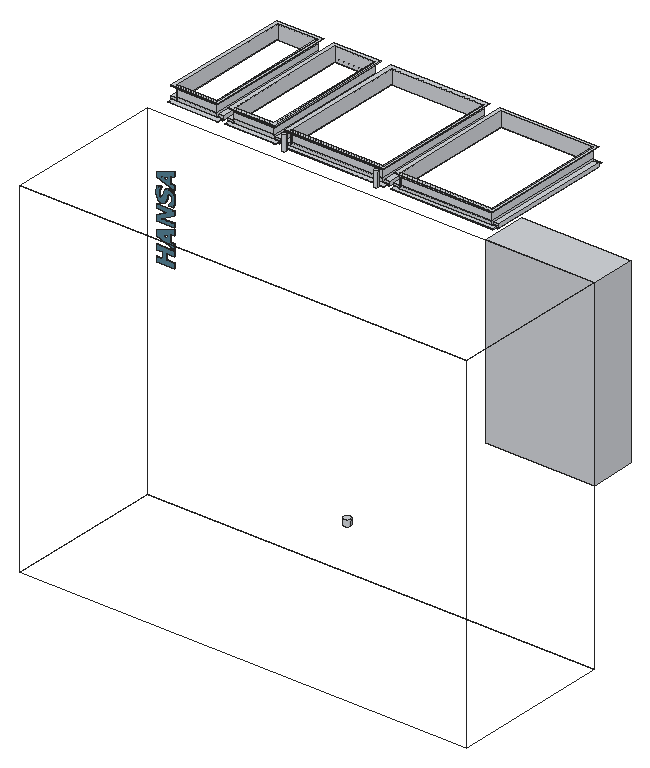
Revit family "KL-P-023-iK-L", category HLS-Bauteile, Revit 2020
Family settings
  Bemaßung runder Anschluss = Durchmesser verwenden
  Klassifizierung = Keine
  Teiletyp = Normal
  Arbeitsebenenbasiert = Nein
  Immer vertikal = Ja
  Beim Laden mit Abzugskörper schneiden = Nein
  Gemeinsam genutzt = Nein
  Raumberechnungspunkt = Nein
Parameters
  Zuluftbreite [instance] = 505 mm  # constant formula
  Vorgabe-Ansicht = 0 mm
  TyS [instance] = size_lookup("TyS_Hansa_KL_P", "", "ND", RLT_Serie, Gehaeuserichtung, Gehaeuseausfuehrung, RLT_MSR_KZ)  # "KL-P-023-iK-L-eCS"
  Schaltschrankbreite [instance] = 600 mm
  Schaltschrank_montiert [instance] = yes
  SSaG [instance] = and(or(Regelung SAIA, Regelung OJ), Schaltschrank_montiert)  # yes
  Regelung SAIA [instance] = yes
  Regelung OJ [instance] = no
  RLT_Volumenstrom_max = 2300 m³/h  # constant formula
  RLT_Volumenstrom_Unit_2 [instance] = 2300 m³/h
  RLT_Volumenstrom_Unit_1 [instance] = 2300 m³/h
  RLT_Typenschlüssel [instance] = TyS  # "KL-P-023-iK-L-eCS"
  RLT_Serie = "KL-P-023-iK"  # constant formula
  RLT_Material_außen [instance] = Stahlblech verzinkt + RAL 9002
  RLT_MSR_KZ [instance] = if(Regelung SAIA, "eCS", if(Regelung OJ, "eCO", "-"))  # "eCS"
  RLT_Länge [instance] = L  # 1860 mm
  RLT_Höhe = H  # 1790 mm
  RLT_Gewicht [instance] = size_lookup("TD_Hansa_KL_P", "Gewicht", 0 mm, TyS) / 1 mm * 1.00 kg  # 0.00 kg
  RLT_Breite = B  # 880 mm
  Modell = "KL-P-023-iK-L"  # constant formula
  L2 = 1230 mm  # constant formula
  L1 = 630 mm  # constant formula
  L = L1 + L2  # 1860 mm
  Kanaltiefe [instance] = RLT_Breite - 190 mm  # 690 mm
  Hersteller = "Hansa"  # constant formula
  H = 1790 mm  # constant formula
  GeräteOK [instance] = H + Fuß  # 1910 mm
  Gehaeuserichtung [instance] = "L"  # constant formula
  Gehaeuseausfuehrung [instance] = "ungeteilt"  # constant formula
  GD_Spannung [instance] = 230 V
  GD_Phasen [instance] = 1
  GD_Nennstrom [instance] = 0 A
  GD_Anschlussleistung [instance] = 0 W
  Fuß [instance] = 120 mm  # constant formula
  Fortluftbreite = 220 mm  # constant formula
  Bedienzone [instance] = yes
  Baugruppe [instance] = "RLT-Gerät"  # constant formula
  BZl [instance] = if(and(or(Regelung SAIA, Regelung OJ), Schaltschrank_montiert), L + Schaltschrankbreite, L)  # 2460 mm
  B = 880 mm  # constant formula
  Außenluftbreite = 220 mm  # constant formula
  Abluftbreite [instance] = 505 mm  # constant formula
Reference planes
  plane 1 "Mitte (Vorne/hinten)": y = 0
  plane 2: z = 0
  plane 3 "Mitte (Links/rechts)": x = 0
  plane 4: x = -930
  plane 5: x = 930
  plane 6 "GV": y = -440
  plane 7 "GH": y = 440
  plane 8 "OKG": z = 1910
  plane 9: y = 377.5
  plane 10: y = -312.5
  plane 11: x = -867.5
  plane 12: x = 867.5
  plane 13: x = -647.5
  plane 14: x = -552.5
  plane 15: x = -332.5
  plane 16: x = 362.5
  plane 17: x = 267.5
  plane 18: x = -237.5
  plane 19: z = 1990
  plane 20 "UKG": z = 120
  plane 21: y = -190
  plane 22: y = -230
  plane 23: z = 90
  plane 24: y = -364
  plane 25: x = -300
  plane 26: y = -1320
  plane 27: x = 1530
Forms (mm)
  Extrusion 1, solid, visible <- "SSaG"
    sketch origin (-61.559, 0, -70) x (1, 0, 0) y (0, 0, 1)
      loop
        line (991.559, 1980) -> (991.559, 980) -> (1591.559, 980) -> (1591.559, 1980) -> (991.559, 1980)
    from 440 to 190
  Extrusion 2, solid
    sketch origin (0, 0, 0) x (1, 0, 0) y (0, 1, 0)
      loop
        circle (0, -230) r 20
    from 120 to 90
  Extrusion 3, solid
    sketch origin (0, 0, 0) x (1, 0, 0) y (0, 1, 0)
      loop
        circle (-237.5, -364) r 10
      loop
        circle (267.5, -364) r 10
    from 1990 to 1910
  Extrusion 4, solid, material "Glas - klar", visible <- "Bedienzone"
    sketch origin (0, 0, 0) x (1, 0, 0) y (0, 1, 0)
      loop
        line (-930, -440) -> (-930, -1320) -> (1530, -1320) -> (1530, -440) -> (-930, -440)
    from 1910 to 0
Dimensions and locks
  equal spacing: plane 4, plane 3 "Mitte (Links/rechts)", plane 5
  "L": plane 4 to plane 5
  "B": plane 7 "GH" to plane 6 "GV"
  locked: plane 7 "GH" to plane 9 at 62.5
  locked: plane 4 to plane 11 at 62.5
  locked: plane 12 to plane 5 at 62.5
  "Fortluftbreite": plane 11 to plane 13
  locked: plane 13 to plane 14 at 95
  "Außenluftbreite": plane 14 to plane 15
  "Abluftbreite": plane 16 to plane 12
  locked: plane 17 to plane 16 at 95
  "Zuluftbreite": plane 18 to plane 17
  plane 15 to plane 18 = 95 mm
  locked: nested 3 to plane 16 at 95
  "Fuß": plane 20 "UKG" to level
  plane 19 to plane 8 "OKG" = 80 mm
  locked: plane 4 to nested 1 at 62.5
  locked: plane 13 to nested 2 at 95
  locked: nested 4 to plane 5 at 62.5
  Extrusion 1 to plane 5 = 600 mm
  "RLT_Höhe": plane 8 "OKG" to plane 20 "UKG"
  equal spacing: plane 7 "GH", plane 1 "Mitte (Vorne/hinten)", plane 6 "GV"
  locked: plane 6 "GV" to plane 21 at 250
  locked: plane 6 "GV" to plane 22 at 210
  plane 20 "UKG" to plane 23 = 30 mm
  locked: plane 24 to plane 6 "GV" at 76
  "L1": plane 4 to plane 25
  "B": plane 26 to plane 6 "GV"
  "BZl": Extrusion 4 to Extrusion 4
  "Schaltschrankbreite": plane 5 to plane 27
  aligned and locked: level to plane 2
  aligned and locked: Extrusion 1 to plane 5
  aligned and locked: Extrusion 1 to plane 8 "OKG"
  aligned and locked: plane 6 "GV" to Extrusion 1
  aligned and locked: plane 21 to Extrusion 1
  aligned and locked: plane 20 "UKG" to Extrusion 2
  aligned and locked: Extrusion 2 to plane 23
  aligned and locked: Extrusion 3 to plane 8 "OKG"
  aligned and locked: plane 19 to Extrusion 3
  aligned and locked: plane 4 to Extrusion 4
  aligned and locked: Extrusion 4 to plane 6 "GV"
  aligned and locked: Extrusion 4 to plane 26
  aligned and locked: plane 8 "OKG" to Extrusion 4
  aligned and locked: plane 27 to Extrusion 1
  aligned and locked: plane 7 "GH" to nested 6
  aligned and locked: plane 4 to nested 6
Automatic sketch dimensions
  Extrusion 1 sketch curve to plane 5 = 0 mm
  Extrusion 1 sketch curve to plane 8 "OKG" = 0 mm
  plane 5 to Extrusion 1 sketch curve = 600 mm
  plane 20 "UKG" to Extrusion 1 sketch curve = 790 mm
  Extrusion 2 sketch curve to plane 3 "Mitte (Links/rechts)" = 0 mm
  Extrusion 2 sketch curve to plane 22 = 0 mm
  Extrusion 3 sketch curve to plane 18 = 0 mm
  Extrusion 3 sketch curve to plane 17 = 0 mm
  Extrusion 3 sketch curve to plane 24 = 0 mm  (x2)
  Extrusion 4 sketch curve to plane 4 = 0 mm
  plane 5 to Extrusion 4 sketch curve = 600 mm
  Extrusion 4 sketch curve to plane 26 = 0 mm
  plane 6 "GV" to Extrusion 4 sketch curve = 0 mm
  radius of Extrusion 2 sketch curve = 20 mm
  radius of Extrusion 3 sketch curve = 10 mm  (x2)
Nested families
  nested 1: "Kanalstutzen" at (-757.5, 29.209, 1910) x (1, 0, 0) z (0, -1, 0), 2570_EST_Breite <- "Fortluftbreite", 2571_EST_Höhe <- "Kanaltiefe", built-in parameter 1001360 <- "GeräteOK", type "Kanalstutzen"
    with Tiefe 80 mm, RahmenG2 20 mm, RahmenG1 30 mm, Höhe 690 mm, Breite 220 mm, 2572_EST_Tiefe 80 mm, 2571_EST_Höhe 690 mm, 2570_EST_Breite 220 mm, 1966_EST_Rahmentyp ""
  nested 2: "Kanalstutzen" at (-442.5, 29.209, 1910) x (1, 0, 0) z (0, -1, 0), 2570_EST_Breite <- "Außenluftbreite", 2571_EST_Höhe <- "Kanaltiefe", built-in parameter 1001360 <- "GeräteOK", type "Kanalstutzen"
    with Tiefe 80 mm, RahmenG2 20 mm, RahmenG1 30 mm, Höhe 690 mm, Breite 220 mm, 2572_EST_Tiefe 80 mm, 2571_EST_Höhe 690 mm, 2570_EST_Breite 220 mm, 1966_EST_Rahmentyp ""
  nested 3: "Kanalstutzen" at (15, 29.209, 1910) x (1, 0, 0) z (0, -1, 0), 2570_EST_Breite <- "Zuluftbreite", 2571_EST_Höhe <- "Kanaltiefe", built-in parameter 1001360 <- "GeräteOK", type "Kanalstutzen"
    with Tiefe 80 mm, RahmenG2 20 mm, RahmenG1 30 mm, Höhe 690 mm, Breite 505 mm, 2572_EST_Tiefe 80 mm, 2571_EST_Höhe 690 mm, 2570_EST_Breite 505 mm, 1966_EST_Rahmentyp ""
  nested 4: "Kanalstutzen" at (615, 29.209, 1910) x (1, 0, 0) z (0, -1, 0), 2570_EST_Breite <- "Abluftbreite", 2571_EST_Höhe <- "Kanaltiefe", built-in parameter 1001360 <- "GeräteOK", type "Kanalstutzen"
    with Tiefe 80 mm, RahmenG2 20 mm, RahmenG1 30 mm, Höhe 690 mm, Breite 505 mm, 2572_EST_Tiefe 80 mm, 2571_EST_Höhe 690 mm, 2570_EST_Breite 505 mm, 1966_EST_Rahmentyp ""
  nested 5: "Hansa_Aufkleber_klein" at (-780, -440, 1390) x (0, 0, 1) z (0, -1, 0), type "Hansa_Aufkleber_klein"
  nested 6: "P-023-L_ipt" at (0, 0, 0), type "Norm"
Connectors
  hvac at (-757.5, 29.209, 1989), driven by "RLT_Volumenstrom_Unit_2", driven by "Fortluftbreite", driven by "Kanaltiefe"
    settings: on nested 1, index 1, duct flow 2300 m³/h, flow factor 0, pres drop 0.0 Pa, loss coef 0, conn angle 0.00°, conn width 220 mm, conn height 690 mm, conn diameter 609.6 mm, duct sys type 3, conn prof type 1, flow config 1, flow direction 2, loss method 0, conn ref index -1, conn util no, is conn primary yes, conn desc ""
  hvac at (-442.5, 29.209, 1989), driven by "RLT_Volumenstrom_Unit_1", driven by "Außenluftbreite", driven by "Kanaltiefe"
    settings: on nested 2, index 2, duct flow 2300 m³/h, flow factor 0, pres drop 0.0 Pa, loss coef 0, conn angle 0.00°, conn width 220 mm, conn height 690 mm, conn diameter 609.6 mm, duct sys type 1, conn prof type 1, flow config 1, flow direction 1, loss method 0, conn ref index -1, conn util no, is conn primary no, conn desc ""
  hvac at (15, 29.209, 1989), driven by "RLT_Volumenstrom_Unit_1", driven by "Zuluftbreite", driven by "Kanaltiefe"
    settings: on nested 3, index 3, duct flow 2300 m³/h, flow factor 0, pres drop 0.0 Pa, loss coef 0, conn angle 0.00°, conn width 505 mm, conn height 690 mm, conn diameter 609.6 mm, duct sys type 1, conn prof type 1, flow config 0, flow direction 2, loss method 0, conn ref index -1, conn util no, is conn primary no, conn desc ""
  hvac at (615, 29.209, 1989), driven by "RLT_Volumenstrom_Unit_2", driven by "Abluftbreite", driven by "Kanaltiefe"
    settings: on nested 4, index 4, duct flow 2300 m³/h, flow factor 0, pres drop 0.0 Pa, loss coef 0, conn angle 0.00°, conn width 505 mm, conn height 690 mm, conn diameter 609.6 mm, duct sys type 2, conn prof type 1, flow config 0, flow direction 1, loss method 0, conn ref index -1, conn util no, is conn primary no, conn desc ""
  piping at (0, -230, 90), diameter 40
    settings: on Extrusion 2, index 5, connector inside diameter 609.6 mm, connector length 0 mm, flow factor 0, pipe flow 0.0 L/s, pressure drop 0.0 Pa, fitting loss kfactor 0, connector angle 0.00°, fixture units 0, engagement length 0 mm, angle of deflection 0.00°, flow configuration 0, flow direction 2, fitting loss method 0, system type 16, joint type 0, gender type 0, connector reference index -1, connector utility 0, adjustable connector no, is connector primary yes, connector description ""
  piping at (-237.5, -364, 1990), diameter 20
    settings: on Extrusion 3, index 6, connector inside diameter 609.6 mm, connector length 0 mm, flow factor 0, pipe flow 0.0 L/s, pressure drop 0.0 Pa, fitting loss kfactor 0, connector angle 0.00°, fixture units 0, engagement length 0 mm, angle of deflection 0.00°, flow configuration 0, flow direction 1, fitting loss method 0, system type 7, joint type 0, gender type 0, connector reference index -1, connector utility 0, adjustable connector no, is connector primary no, connector description ""
  piping at (267.5, -364, 1990), diameter 20
    settings: on Extrusion 3, index 7, connector inside diameter 609.6 mm, connector length 0 mm, flow factor 0, pipe flow 0.0 L/s, pressure drop 0.0 Pa, fitting loss kfactor 0, connector angle 0.00°, fixture units 0, engagement length 0 mm, angle of deflection 0.00°, flow configuration 0, flow direction 2, fitting loss method 0, system type 19, joint type 0, gender type 0, connector reference index -1, connector utility 0, adjustable connector no, is connector primary no, connector description ""
Definition of nested family "Kanalstutzen"
  Parameters (values of type "Kanalstutzen")
    Default Elevation = 0 mm
    Tiefe [instance] = [2572_EST_Tiefe]  # 80 mm
    RahmenG2 [instance] = 20 mm
    RahmenG1 [instance] = 30 mm
    Höhe [instance] = [2571_EST_Höhe]  # 500 mm
    Manufacturer = "Hansa"
    Breite [instance] = [2570_EST_Breite]  # 1000 mm
    Description = "Durchbruchsverkleidung"
    2572_EST_Tiefe [instance] = 80 mm
    2571_EST_Höhe [instance] = 500 mm
    2570_EST_Breite [instance] = 1000 mm
    1966_EST_Rahmentyp [instance] = ""
  Reference planes
    plane 1 "Mitte (Vorne/hinten)": y = 0
    plane 2: z = 0
    plane 3 "Mitte (Links/rechts)": x = 0
    plane 4: x = -500
    plane 5: x = 500
    plane 6 "hinten": y = 80
    plane 7: z = 250
    plane 8: z = -250
    plane 9 "R1links": x = -530
    plane 10 "R1rechts": x = 530
    plane 11 "R2links": x = -520
    plane 12 "R2rechts": x = 520
    plane 13 "R1oben": z = 280
    plane 14 "R1unten": z = -280
    plane 15: z = -270
    plane 16: z = 270
  Forms (mm)
    Sweep 1, solid
      path origin (0, 0, 0) x (1, 0, 0) y (0, 0, 1)
        loop
          line (-500, 250) -> (-500, -250) -> (500, -250) -> (500, 250) -> (-500, 250)
      profile origin (0, 0, 250) x (0, 0, 1) y (0, -1, 0)
        loop
          line (0, -40) -> (0, -80) -> (20, -80) -> (20, -79) -> (1.999, -79) -> (1.999, -59) -> (0.962, -59) -> (0.962, -21.406) -> (1.999, -21.406) -> (1.999, -1.406) -> (30, -1.406) -> (30, 0) -> (0, 0) -> (0, -40)
  Dimensions and locks
    equal spacing: plane 4, plane 3 "Mitte (Links/rechts)", plane 5
    "Breite": plane 4 to plane 5
    equal spacing: plane 7, level, plane 8
    "Höhe": plane 7 to plane 8
    "RahmenG1": plane 9 "R1links" to plane 4
    "RahmenG1": plane 5 to plane 10 "R1rechts"
    "RahmenG2": plane 11 "R2links" to plane 4
    "RahmenG2": plane 5 to plane 12 "R2rechts"
    "RahmenG1": plane 13 "R1oben" to plane 7
    "RahmenG1": plane 8 to plane 14 "R1unten"
    "RahmenG2": plane 16 to plane 7
    "RahmenG2": plane 8 to plane 15
    Sweep 1 sketch curve to Sweep 1 sketch curve = 1.406 mm
    Sweep 1 sketch curve to Sweep 1 sketch curve = 1 mm
    Sweep 1 sketch curve to Sweep 1 sketch curve = 0.962 mm
    "2572_EST_Tiefe": plane 6 "hinten" to plane 1 "Mitte (Vorne/hinten)"
    aligned and locked: level to plane 2
    aligned and locked: plane 16 to Sweep 1 sketch curve
    aligned and locked: plane 13 "R1oben" to Sweep 1 sketch curve
    aligned and locked: plane 1 "Mitte (Vorne/hinten)" to Sweep 1
    aligned and locked: plane 1 "Mitte (Vorne/hinten)" to nested 1
    aligned and locked: nested 1 to plane 10 "R1rechts"
    aligned and locked: nested 2 to plane 9 "R1links"
    aligned and locked: plane 8 to nested 2
    aligned and locked: nested 1 to plane 8
  Automatic sketch dimensions
    plane 4 to Sweep 1 sketch curve = 0 mm
    plane 5 to Sweep 1 sketch curve = 0 mm
    Sweep 1 sketch curve to plane 8 = 0 mm
    Sweep 1 sketch curve to plane 7 = 0 mm
    Sweep 1 sketch curve to plane 1 "Mitte (Vorne/hinten)" = 0 mm
    profile plane to Sweep 1 sketch curve = 0 mm
    Sweep 1 sketch curve to profile plane = 1.999 mm  (x2)
    Sweep 1 sketch curve to Sweep 1 sketch curve = 20 mm  (x2)
    Sweep 1 sketch curve to Sweep 1 sketch curve = 18.594 mm
    Sweep 1 sketch curve to Sweep 1 sketch curve = 19 mm
  Nested families
    nested 1: "EGJK30" at (520, 0, -250), L <- "Höhe", type "EGJK30"
      with L 500 mm
    nested 2: "EGJK30" at (-520, 0, -250) x (-1, 0, 0) z (0, 0, 1), L <- "Höhe", type "EGJK30"
      with L 500 mm
  Definition of nested family "EGJK30"
    Parameters (values of type "EGJK30")
      Default Elevation = 0 mm
      L [instance] = 1000 mm
    Reference planes
      plane 1 "Mitte (Vorne/hinten)": y = 0
      plane 2: z = 0
      plane 3 "Mitte (Links/rechts)": x = 0
    Forms (mm)
      Extrusion 1, solid
        sketch origin (16.67, -35.46, 0) x (1, 0, 0) y (0, 1, 0)
          loop
            line (-26.67, 25.46) -> (-6.67, 25.46) -> (-6.67, 30.46) -> (-1.67, 30.46) -> (-1.67, 50.46) -> (-34.67, 50.46) -> (-34.67, 38.46) -> (-5.67, 38.46) -> (-5.67, 35.46) -> (-25.67, 35.46) -> (-25.67, 36.96) -> (-34.67, 36.96) -> (-34.67, 33.96) -> (-26.67, 25.46)
        from 0 to 1000
    Dimensions and locks
      "L": Extrusion 1 to Extrusion 1
      aligned and locked: level to plane 2
    Automatic sketch dimensions
      plane 1 "Mitte (Vorne/hinten)" to Extrusion 1 sketch curve = 0 mm
      Extrusion 1 sketch curve to plane 3 "Mitte (Links/rechts)" = 18 mm
      plane 1 "Mitte (Vorne/hinten)" to Extrusion 1 sketch curve = 1.5 mm
      Extrusion 1 sketch curve to Extrusion 1 sketch curve = 0 mm
      Extrusion 1 sketch curve to plane 3 "Mitte (Links/rechts)" = 10 mm
      Extrusion 1 sketch curve to plane 3 "Mitte (Links/rechts)" = 9 mm
      plane 1 "Mitte (Vorne/hinten)" to Extrusion 1 sketch curve = 5 mm
      plane 3 "Mitte (Links/rechts)" to Extrusion 1 sketch curve = 10 mm
      Extrusion 1 sketch curve to Extrusion 1 sketch curve = 1 mm
      Extrusion 1 sketch curve to Extrusion 1 sketch curve = 5 mm
      plane 1 "Mitte (Vorne/hinten)" to Extrusion 1 sketch curve = 10 mm
      Extrusion 1 sketch curve to plane 1 "Mitte (Vorne/hinten)" = 1.5 mm
      Extrusion 1 sketch curve to Extrusion 1 sketch curve = 1.5 mm
      Extrusion 1 sketch curve to Extrusion 1 sketch curve = 12 mm
Definition of nested family "Hansa_Aufkleber_klein"
  Parameters (values of type "Hansa_Aufkleber_klein")
    Default Elevation = 1219.2 mm
  Reference planes
    plane 1 "Mitte (Vorne/hinten)": y = 0
    plane 2: z = 0
    plane 3 "Mitte (Links/rechts)": x = 0
  Forms (mm)
    Extrusion 1, solid, detail levels medium+fine
      sketch origin (6.994, -10.767, 0) x (1, 0, 0) y (0, 1, 0)
        loop
          line (-226.694, 10.767) -> (-201.573, 10.767) -> (-201.573, 55.095) -> (-167.456, 55.095) -> (-167.456, 10.767) -> (-142.335, 10.767) -> (-142.335, 110.767) -> (-167.456, 110.767) -> (-167.456, 74.138) -> (-201.573, 74.138) -> (-201.573, 110.767) -> (-226.694, 110.767) -> (-226.694, 10.767)
        loop
          line (202.074, 82.404) -> (191.782, 49.341) -> (212.284, 49.341) -> (202.074, 82.404)
        loop
          line (188.703, 110.767) -> (154.91, 10.767) -> (180.032, 10.767) -> (186.353, 31.189) -> (217.795, 31.189) -> (224.035, 10.767) -> (249.886, 10.767) -> (216.093, 110.767) -> (188.703, 110.767)
        loop
          line (34.084, 10.767) -> (58.233, 10.767) -> (58.233, 110.767) -> (35.299, 110.767) -> (35.299, 53.474) -> (3.37, 110.767) -> (-27.424, 110.767) -> (-27.424, 10.767) -> (-4.49, 10.767) -> (-4.49, 80.459) -> (34.084, 10.767)
        loop
          line (-85.203, 82.404) -> (-95.495, 49.341) -> (-74.993, 49.341) -> (-85.203, 82.404)
        loop
          line (-98.575, 110.767) -> (-132.367, 10.767) -> (-107.245, 10.767) -> (-100.925, 31.189) -> (-69.482, 31.189) -> (-63.242, 10.767) -> (-37.391, 10.767) -> (-71.184, 110.767) -> (-98.575, 110.767)
        loop
          line (73.143, 16.683) -> (80.903, 13.695) -> (89.27, 11.213) -> (93.783, 10.238) -> (98.65, 9.542) -> (103.872, 9.124) -> (109.448, 8.984) -> (114.303, 9.126) -> (118.902, 9.552) -> (123.243, 10.261) -> (127.327, 11.253) -> (131.154, 12.53) -> (134.724, 14.09) -> (138.037, 15.933) -> (141.093, 18.061) -> (143.838, 20.421) -> (146.216, 22.963) -> (148.229, 25.688) -> (149.876, 28.595) -> (151.156, 31.685) -> (152.071, 34.957) -> (152.62, 38.411) -> (152.803, 42.048) -> (152.724, 44.578) -> (152.487, 46.981) -> (152.091, 49.257) -> (151.537, 51.407) -> (150.825, 53.431) -> (149.954, 55.328) -> (148.925, 57.098) -> (147.738, 58.741) -> (144.874, 61.745) -> (141.346, 64.434) -> (137.155, 66.81) -> (132.301, 68.871) -> (127.124, 70.542) -> (122.293, 71.829) -> (112.609, 74.057) -> (109.035, 74.977) -> (106.095, 75.952) -> (103.788, 76.982) -> (102.114, 78.069) -> (100.927, 79.287) -> (100.078, 80.713) -> (99.569, 82.346) -> (99.4, 84.187) -> (99.506, 85.453) -> (99.825, 86.659) -> (100.357, 87.803) -> (101.101, 88.887) -> (102.965, 90.731) -> (105.153, 92.048) -> (107.99, 93.142) -> (110.664, 93.83) -> (113.439, 94.195) -> (116.579, 94.317) -> (120.768, 94.112) -> (124.906, 93.496) -> (128.993, 92.471) -> (133.03, 91.035) -> (136.889, 89.3) -> (140.445, 87.378) -> (143.697, 85.268) -> (146.644, 82.971) -> (148.832, 82.971) -> (148.832, 105.824) -> (145.231, 107.285) -> (141.397, 108.589) -> (137.33, 109.737) -> (133.03, 110.727) -> (128.608, 111.524) -> (124.177, 112.094) -> (119.735, 112.436) -> (115.283, 112.55) -> (110.919, 112.414) -> (106.741, 112.006) -> (102.749, 111.325) -> (98.944, 110.372) -> (95.324, 109.147) -> (91.891, 107.65) -> (88.644, 105.88) -> (85.583, 103.839) -> (82.8, 101.578) -> (80.389, 99.151) -> (78.348, 96.559) -> (76.679, 93.8) -> (75.38, 90.876) -> (74.453, 87.786) -> (73.896, 84.53) -> (73.711, 81.108) -> (74.025, 76.136) -> (74.967, 71.596) -> (76.537, 67.486) -> (78.735, 63.806) -> (80.094, 62.119) -> (81.657, 60.522) -> (83.426, 59.014) -> (85.4, 57.597) -> (87.58, 56.269) -> (89.964, 55.031) -> (92.553, 53.884) -> (95.348, 52.826) -> (100.625, 51.195) -> (106.247, 49.868) -> (111.869, 48.642) -> (117.147, 47.315) -> (119.104, 46.707) -> (120.925, 45.937) -> (122.609, 45.006) -> (124.156, 43.912) -> (125.451, 42.645) -> (126.375, 41.197) -> (126.929, 39.566) -> (127.114, 37.753) -> (127, 36.17) -> (126.658, 34.744) -> (126.089, 33.475) -> (125.291, 32.364) -> (123.275, 30.53) -> (120.874, 29.163) -> (118.413, 28.312) -> (115.242, 27.704) -> (112.052, 27.339) -> (109.529, 27.218) -> (105.242, 27.433) -> (100.889, 28.079) -> (96.47, 29.155) -> (91.985, 30.662) -> (87.561, 32.569) -> (83.324, 34.845) -> (79.274, 37.492) -> (75.413, 40.508) -> (73.143, 40.508) -> (73.143, 16.683)
      from 0 to 2
  Dimensions and locks
    aligned and locked: level to plane 2
Definition of nested family "P-023-L_ipt"
  Parameters (values of type "Norm")
    Default Elevation = 0 mm
  Reference planes
    plane 1 "Mitte (Vorne/Hinten)": y = 0
    plane 2: z = 0
    plane 3 "Mitte (Links/Rechts)": x = 0
  Dimensions and locks
    aligned and locked: level to plane 2
